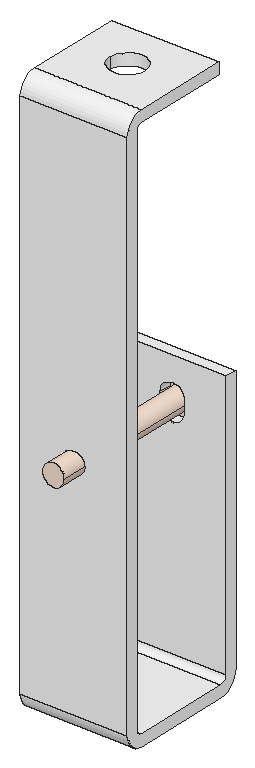
Revit family "60×30×10LGハンガー(内折れ)", category 機械設備, Revit 2020
Family settings
  丸型コネクタ寸法 = 直径を使用
  種別 = なし
  パーツ タイプ = 標準
  作業面ベース = いいえ
  常に垂直 = はい
  ロード時にボイドで切り取り = いいえ
  共有 = いいえ
  部屋計算ポイント = いいえ
Parameters
  製造元 = "株式会社桐井製作所"
  既定の高さ = 0 mm
  URL = "https://www.kirii.co.jp/"
  K_材質 = "SGHC　一般用"
  K_品名 = "60×30×10LGハンガー(内折れ)"
  K_名称 = "その他ハンガー"
  K_入数 = "100"
  K_バージョン情報 = "20211012"
  K_めっき付着量 = "Z12"
  K_JIS規格 = "JIS G 3302"
Reference planes
  plane 1 "中心(正面/背面)": y = 0
  plane 2: z = 0
  plane 3 "中心(左/右)": x = 0
  plane 4: x = 15
  plane 5: x = -15
Forms (mm)
  Extrusion 1, solid
    sketch origin (0, 0, 0) x (0, 1, 0) y (0, 0, 1)
      loop
        line (0, 1.8) -> (0, 151.8)
        arc (0, 151.8) -> (0.527, 153.073) -> (1.8, 153.6) r 1.8
        line (1.8, 153.6) -> (28.8, 153.6) -> (28.8, 156.8) -> (1.8, 156.8)
        arc (1.8, 156.8) -> (-1.736, 155.336) -> (-3.2, 151.8) r 5
        line (-3.2, 151.8) -> (-3.2, 1.8)
        arc (-3.2, 1.8) -> (-1.736, -1.736) -> (1.8, -3.2) r 5
        line (1.8, -3.2) -> (29.7, -3.2)
        arc (29.7, -3.2) -> (33.236, -1.736) -> (34.7, 1.8) r 5
        line (34.7, 1.8) -> (34.7, 76.8) -> (31.5, 76.8) -> (31.5, 1.8)
        arc (31.5, 1.8) -> (30.973, 0.527) -> (29.7, 0) r 1.8
        line (29.7, 0) -> (1.8, 0)
        arc (1.8, 0) -> (0.527, 0.527) -> (0, 1.8) r 1.8
    from -15 to 15
  Extrusion 2, void
    sketch origin (0, 47.8, 0) x (1, 0, 0) y (0, 1, 0)
      loop
        circle (0, -32.021) r 5
    from 153.6 to 156.8
  Extrusion 3, void
    sketch origin (0, 0, 0) x (1, 0, 0) y (0, 0, 1)
      loop
        arc (3.5, 66.5) -> (0, 70) -> (-3.5, 66.5) r 3.5
        line (-3.5, 66.5) -> (-3.5, 63.5)
        arc (-3.5, 63.5) -> (0, 60) -> (3.5, 63.5) r 3.5
        line (3.5, 63.5) -> (3.5, 66.5)
    from -34.7 to -31.5
  Extrusion 4, void
    sketch origin (0, 0, 0) x (1, 0, 0) y (0, 0, 1)
      loop
        circle (0, 65) r 3
    from 0 to 3.2
Cuts and joins
  Extrusion 2, Extrusion 3, Extrusion 4 cuts Extrusion 1
Dimensions and locks
  aligned and locked: level to plane 2
Automatic sketch dimensions
  Extrusion 1 sketch curve to Extrusion 1 sketch curve = 0 mm  (x5)
  Extrusion 1 sketch curve to plane 1 "中心(正面/背面)" = 0 mm
  Extrusion 1 sketch curve to level = 0 mm
  Extrusion 1 sketch curve to Extrusion 1 sketch curve = 3.2 mm
  Extrusion 1 sketch curve to plane 1 "中心(正面/背面)" = 1.8 mm  (x2)
  Extrusion 1 sketch curve to Extrusion 1 sketch curve = 27 mm
  Extrusion 1 sketch curve to Extrusion 1 sketch curve = 27.9 mm
  Extrusion 1 sketch curve to plane 1 "中心(正面/背面)" = 31.5 mm
  level to Extrusion 1 sketch curve = 1.8 mm
  Extrusion 1 sketch curve to Extrusion 1 sketch curve = 75 mm  (x2)
  Extrusion 2 sketch curve to plane 3 "中心(左/右)" = 0 mm
  Extrusion 2 sketch curve to plane 1 "中心(正面/背面)" = 15.779 mm
  Extrusion 3 sketch curve to plane 3 "中心(左/右)" = 0 mm
  Extrusion 3 sketch curve to plane 3 "中心(左/右)" = 3.5 mm
  level to Extrusion 3 sketch curve = 63.5 mm
  Extrusion 3 sketch curve to Extrusion 3 sketch curve = 3 mm
  Extrusion 4 sketch curve to plane 3 "中心(左/右)" = 0 mm
  level to Extrusion 4 sketch curve = 65 mm
  radius of Extrusion 2 sketch curve = 5 mm
  radius of Extrusion 4 sketch curve = 3 mm
Nested families
  nested 1: "M6×45ビス" at (-0.011, 34.7, 65.2) x (-1, 0, 0) z (0, 0, 1), type "M6×45ビス"
Definition of nested family "M6×45ビス"
  Parameters (values of type "M6×45ビス")
    Manufacturer = "株式会社桐井製作所"
    Default Elevation = 0 mm
    URL = "https://www.kirii.co.jp/"
    K_名称 = "M6×45ボルト"
  Reference planes
    plane 1 "中心(正面/背面)": y = 0
    plane 2: z = 0
    plane 3 "中心(左/右)": x = 0
    plane 4 "正面": y = -4
  Forms (mm)
    Extrusion 1, solid
      sketch origin (0, 0, 0) x (1, 0, 0) y (0, 0, 1)
        loop
          line (-4.763, -2.946) -> (0, -5.696) -> (4.763, -2.946) -> (4.763, 2.554) -> (0, 5.304) -> (-4.763, 2.554) -> (-4.763, -2.946)
      from 0 to 4
    Extrusion 2, void
      sketch origin (0, -4, 0) x (-1, 0, 0) y (0, 0, 1)
        loop
          circle (0, -0.156) r 4.396
      from 0 to 1
    Extrusion 3, void
      sketch origin (0, -4, 0) x (-1, 0, 0) y (0, 0, 1)
        loop
          arc (-0.6, 1.814) -> (-1.069, 0.856) -> (-2.036, 0.404) r 1.605
          line (-2.036, 0.404) -> (-2.939, 0.404)
          arc (-2.939, 0.404) -> (-3, -0.195) -> (-2.94, -0.795) r 3
          line (-2.94, -0.795) -> (-2.049, -0.795)
          arc (-2.049, -0.795) -> (-1.074, -1.243) -> (-0.6, -2.206) r 1.605
          line (-0.6, -2.206) -> (-0.6, -3.135)
          arc (-0.6, -3.135) -> (0, -3.196) -> (0.6, -3.135) r 3
          line (0.6, -3.135) -> (0.6, -2.206)
          arc (0.6, -2.206) -> (1.074, -1.243) -> (2.049, -0.795) r 1.605
          line (2.049, -0.795) -> (2.94, -0.795)
          arc (2.94, -0.795) -> (3, -0.198) -> (2.941, 0.398) r 3
          line (2.941, 0.398) -> (2.117, 0.398)
          arc (2.117, 0.398) -> (1.098, 0.828) -> (0.6, 1.814) r 1.605
          line (0.6, 1.814) -> (0.6, 2.743)
          arc (0.6, 2.743) -> (0, 2.804) -> (-0.6, 2.743) r 3
          line (-0.6, 2.743) -> (-0.6, 1.814)
      from 0 to 2
    Extrusion 4, solid
      sketch origin (0, 0, 0) x (1, 0, 0) y (0, 0, 1)
        loop
          circle (-0.011, -0.2) r 3
      from 0 to -45
  Cuts and joins
    Extrusion 2, Extrusion 3 cuts Extrusion 1
    joined: Extrusion 1, Extrusion 4
  Dimensions and locks
    aligned and locked: level to plane 2
